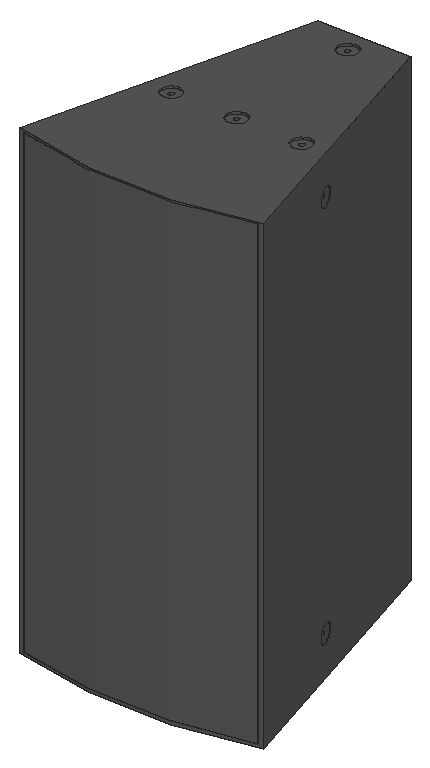
Revit family "1Electronics_Community-Point-Source_Biamp_IP8_1122WR", category Communication Devices, host Face, Revit 2020
Family settings
  Host = Face
  Maintain Annotation Orientation = No
  Round Connector Dimension = Use Diameter
  Part Type = Normal
  OmniClass Number = 23.85.10.11.14.14.14
  OmniClass Title = Loudspeakers
  Cut with Voids When Loaded = No
  Shared = No
  Room Calculation Point = No
Parameters (values of type "Please download type catalogue!")
  Width = 1' - 2 1/2"  # constant formula
  Weight = 65.00 lbf  # constant formula
  URL = "https://www.biamp.com/"
  Transducers = "LF 1 x 12 (305mm) neodymium driver, 3 (76mm) voice coil, demodulation ring; HF 1 x 1.4 (36mm) exit compression, 2.6 (66mm) voice coil, demodulation ring, ketone polymer diaphragm, neodymium compression driver"  # constant formula
  Shipping Weight = 74.00 lbf  # constant formula
  Recommended Amplifiers = "LF - 600W - 1200W @ 8 ohms, (69V - 98V); HF - 80W - 160W @ 8 ohms (25V - 36V)"  # constant formula
  Product data url = "https://www.bimobject.com/biamp/product/ip8-1122wr_community-point-source"
  Product Page URL = "https://www.biamp.com/products/product-families/community/point-source#ip8-1122wr"
  Product Documentation Link = "https://www.biamp.com/products/product-families/community/point-source#ip8-1122wr"
  Operating Range = ""
  Operating Mode = "Passive or Biamp with DSP"  # constant formula
  Operating Environment = "Weather-Resistant Outdoor\r"  # constant formula
  Nominal Sensitivity = ""
  Nominal Maximum SPL (Whole Space) = ""
  Nominal Beamwidth (H x V) = ""
  Mounting Points = "15"  # constant formula
  Model = ""
  Manufacturer = "Biamp"  # constant formula
  Input Connection = "Screw terminal blocks (6-position)"  # constant formula
  Housing Material = Biamp - Plastic - Black
  Height = 2' - 4"  # constant formula
  Gril Material = Biamp - Plastic - Black(Grid)
  Equalized Sensitivity = "1W: 93 dB - 2.83V: 93 dB"  # constant formula
  Equalized Maximum SPL = "Peak: 128 dB - Continuous: 122 dB"  # constant formula
  Environmental = "IP55W per IEC 60529"  # constant formula
  Description = "IP8-1122WR High Power 12-Inch Two-Way Weather-Resistant Installation Loudspeaker"  # constant formula
  Depth = 1' - 5 179/256"  # constant formula
  Default Elevation = 4' - 0"
  Continuous Power Handling  Nominal Impedance = "LF - 69V, 600W @ 8 ohms (2400W peak); HF - 25V, 80W @ 8 ohms (320W peak)"  # constant formula
Reference planes (in)
  plane 1 "Center (Front/Back)": y = 0
  plane 2: z = 0
  plane 3 "Center (Left/Right)": x = 0
Forms (in)
  Extrusion 1, solid, material "Biamp - Plastic - Black" <- "Housing Material", detail levels medium+fine
    sketch origin (-0.18121, 0, 0) x (1, 0, 0) y (0, 1, 0)
      loop
        arc (-7.06879, -7.06265) -> (0.18121, -8.10667) -> (7.43121, -7.06265) r 25.69511
        line (7.43121, -7.06265) -> (2.85509, 9.59333) -> (-2.65672, 9.59333) -> (-7.06879, -7.06265)
    from 0 to 28
  Extrusion 2, void
    sketch origin (-0.18121, -0.10403, 0) x (1, 0, 0) y (0, 1, 0)
      loop
        arc (-6.77215, -7.04393) -> (0.18123, -8.00264) -> (7.13461, -7.04392) r 25.69511
        line (7.13461, -7.04392) -> (7.08246, -6.8541)
        arc (7.08246, -6.8541) -> (0.18033, -7.80579) -> (-6.72174, -6.85362) r 25.49826
        line (-6.72174, -6.85362) -> (-6.77215, -7.04393)
    from 0.19685 to 27.90157
  Extrusion 3, void
    sketch origin (0, 0, 0) x (1, 0, 0) y (0, 1, 0)
      loop
        circle (-3.88574, 0) r 0.59055
      loop
        circle (0, 0) r 0.59055
      loop
        circle (3.88574, 0) r 0.59055
      loop
        circle (0, 8.26772) r 0.59055
    from 28 to 27.90157
  Extrusion 4, void
    sketch origin (0, 0, 0) x (1, 0, 0) y (0, 1, 0)
      loop
        circle (-3.88574, 0) r 0.15748
      loop
        circle (0, 0) r 0.15748
      loop
        circle (3.88574, 0) r 0.15748
      loop
        circle (0, 8.26772) r 0.15748
    from 28 to 27.80315
  Extrusion 5, void
    sketch origin (3.07658, 8.12763, -0.11969) x (-0.264926, 0.964269, 0) y (0, 0, -1)
      loop
        circle (-8.43473, -2.47439) r 0.59055
      loop
        circle (-8.43473, -25.76499) r 0.59055
    from 0 to 0.09843
  Extrusion 6, void
    sketch origin (3.07658, 8.12763, -0.11969) x (-0.264926, 0.964269, 0) y (0, 0, -1)
      loop
        circle (-8.43473, -2.47439) r 0.15748
      loop
        circle (-8.43473, -25.76499) r 0.15748
    from 0.09843 to 0.19685
  Extrusion 7, void
    sketch origin (-7.58128, -8.31325, -0.01138) x (-0.256063, -0.96666, 0) y (0, 0, -1)
      loop
        circle (-8.58908, -2.3454) r 0.59055
      loop
        circle (-8.58908, -25.67736) r 0.59055
    from 0 to 0.09843
  Extrusion 8, void
    sketch origin (-7.58128, -8.31325, -0.01138) x (-0.256063, -0.96666, 0) y (0, 0, -1)
      loop
        circle (-8.58908, -2.3454) r 0.15748
      loop
        circle (-8.58908, -25.67736) r 0.15748
    from 0.09843 to 0.19685
  Extrusion 9, solid, material "Biamp - Plastic - Black(Grid)" <- "Gril Material", detail levels medium+fine
    sketch origin (-0.18121, -0.10403, 0) x (1, 0, 0) y (0, 1, 0)
      loop
        line (-6.72174, -6.85362) -> (-6.77215, -7.04393)
        arc (-6.77215, -7.04393) -> (0.18123, -8.00264) -> (7.13461, -7.04392) r 25.69511
        line (7.13461, -7.04392) -> (7.08246, -6.8541)
        arc (7.08246, -6.8541) -> (0.18033, -7.80579) -> (-6.72174, -6.85362) r 25.49826
    from 0.19685 to 27.90157
  Extrusion 10, void
    sketch origin (-2.65672, 9.59333, 0) x (-1, 0, 0) y (0, 0, -1)
      loop
        circle (-2.65672, -14.34419) r 0.59055
      loop
        circle (-2.65672, -25.60803) r 0.59055
      loop
        circle (-2.65672, -2.39197) r 0.59055
    from 0 to 0.09843
  Extrusion 11, void
    sketch origin (-2.65672, 9.59333, 0) x (-1, 0, 0) y (0, 0, -1)
      loop
        circle (-2.65672, -14.34419) r 0.15748
      loop
        circle (-2.83792, -25.60803) r 0.15748
      loop
        circle (-2.65672, -2.39197) r 0.15748
    from 0 to 0.19685
  Extrusion 12, void
    sketch origin (-2.65672, 9.59333, 0) x (-1, 0, 0) y (0, 0, -1)
      loop
        line (-4.83035, -12.09383) -> (-0.49964, -12.09383) -> (-0.49964, -5.00722) -> (-4.83035, -5.00722) -> (-4.83035, -12.09383)
    from 0 to 0.19685
  Extrusion 13, solid, material "Biamp - Plastic - Black" <- "Housing Material", detail levels medium+fine
    sketch origin (-2.65672, 9.59333, 0) x (1, 0, 0) y (0, 0, -1)
      loop
        line (0.49964, -12.09383) -> (4.83035, -12.09383) -> (4.83035, -5.00722) -> (0.49964, -5.00722) -> (0.49964, -12.09383)
    from 0 to -0.19685
  Extrusion 14, solid, material "Biamp - Plastic - Black" <- "Housing Material", detail levels coarse
    sketch origin (-0.18121, 0, 0) x (1, 0, 0) y (0, 1, 0)
      loop
        line (-2.65672, 9.59333) -> (-7.06879, -7.06265)
        arc (-7.06879, -7.06265) -> (0.18121, -8.10667) -> (7.43121, -7.06265) r 25.69511
        line (7.43121, -7.06265) -> (2.85509, 9.59333) -> (-2.65672, 9.59333)
    from 0 to 28
  Extrusion 15, solid, material "Biamp - Plastic - Black" <- "Housing Material", detail levels medium+fine
    sketch origin (-2.65672, 9.59333, 0) x (1, 0, 0) y (0, 0, -1)
      loop
        line (4.46661, -11.73413) -> (4.46661, -11.23413) -> (3.96661, -11.23413) -> (3.96661, -11.73413) -> (4.46661, -11.73413)
    from 0 to 0.00716
  Extrusion 16, solid, material "Biamp - Plastic - Black" <- "Housing Material", detail levels medium+fine
    sketch origin (-3.77108, 9.59333, -1) x (1, 0, 0) y (0, 0, -1)
      loop
        line (4.46661, -11.73413) -> (4.46661, -11.23413) -> (3.96661, -11.23413) -> (3.96661, -11.73413) -> (4.46661, -11.73413)
    from 0 to 0.00716
  Extrusion 17, solid, material "Biamp - Plastic - Black" <- "Housing Material", detail levels medium+fine
    sketch origin (-2.65672, 9.59333, -1) x (1, 0, 0) y (0, 0, -1)
      loop
        line (4.46661, -11.73413) -> (4.46661, -11.23413) -> (3.96661, -11.23413) -> (3.96661, -11.73413) -> (4.46661, -11.73413)
    from 0 to 0.00716
Cuts and joins
  Extrusion 2, Extrusion 3, Extrusion 4, Extrusion 5, Extrusion 6, Extrusion 7, Extrusion 8, Extrusion 10, Extrusion 11, Extrusion 12 cuts Extrusion 1
Lines and regions (in)
  Masking region 1
    outline origin (-0.18121, 0, 0) x (1, 0, 0) y (0, 1, 0)
      loop
        line (-2.65672, 9.59333) -> (-7.06879, -7.06265)
        arc (-7.06879, -7.06265) -> (0.18121, -8.10667) -> (7.43121, -7.06265) r 25.69511
        line (7.43121, -7.06265) -> (2.85509, 9.59333) -> (-2.65672, 9.59333)
  Masking region 2
    outline origin (0, 0, 0) x (1, 0, 0) y (0, 0, 1)
      loop
        line (-7.2255, 28) -> (-7.2255, 0) -> (7.58792, 0) -> (7.58792, 28) -> (-7.2255, 28)
  Masking region 3, detail levels medium+fine
    outline origin (0, 0, 0) x (1, 0, 0) y (0, 0, 1)
      loop
        line (-7.03679, 27.90157) -> (-7.03679, 0.19685) -> (7.39921, 0.19685) -> (7.39921, 27.90157) -> (-7.03679, 27.90157)
  Masking region 4
    outline origin (0, 0, 0) x (0, 1, 0) y (0, 0, 1)
      loop
        line (9.59333, 28) -> (-6.91199, 28) -> (-6.91199, 0) -> (9.59333, 0) -> (9.59333, 28)
  Masking region 5
    outline origin (0, 0, 0) x (0, 1, 0) y (0, 0, 1)
      loop
        line (-6.91199, 28) -> (-8.00264, 28) -> (-8.00264, 0) -> (-6.91199, 0) -> (-6.91199, 28)
  symbolic lines
    curve 1: line (7.39921, 0, 28) -> (-6.98068, 0, 28)
  symbolic lines, detail levels medium+fine
    curve 2: arc (-0.59055, 8.26772, 0) -> (0, 7.67717, 0) -> (0.59055, 8.26772, 0) r 0.59055
    curve 3: arc (0.59055, 8.26772, 0) -> (0, 8.85827, 0) -> (-0.59055, 8.26772, 0) r 0.59055
    curve 4: arc (-0.59055, 0, 0) -> (0, -0.59055, 0) -> (0.59055, 0, 0) r 0.59055
    curve 5: arc (0.59055, 0, 0) -> (0, 0.59055, 0) -> (-0.59055, 0, 0) r 0.59055
    curve 6: arc (-3.29519, 0, 0) -> (-3.88574, 0.59055, 0) -> (-4.47629, 0, 0) r 0.59055
    curve 7: arc (-4.47629, 0, 0) -> (-3.88574, -0.59055, 0) -> (-3.29519, 0, 0) r 0.59055
    curve 8: arc (3.29519, 0, 0) -> (3.88574, -0.59055, 0) -> (4.47629, 0, 0) r 0.59055
    curve 9: arc (4.47629, 0, 0) -> (3.88574, 0.59055, 0) -> (3.29519, 0, 0) r 0.59055
    curve 10: arc (-0.15748, 0, 0) -> (0, -0.15748, 0) -> (0.15748, 0, 0) r 0.15748
    curve 11: arc (0.15748, 0, 0) -> (0, 0.15748, 0) -> (-0.15748, 0, 0) r 0.15748
    curve 12: arc (-4.04322, 0, 0) -> (-3.88574, -0.15748, 0) -> (-3.72826, 0, 0) r 0.15748
    curve 13: arc (-3.72826, 0, 0) -> (-3.88574, 0.15748, 0) -> (-4.04322, 0, 0) r 0.15748
    curve 14: arc (4.04322, 0, 0) -> (3.88574, 0.15748, 0) -> (3.72826, 0, 0) r 0.15748
    curve 15: arc (3.72826, 0, 0) -> (3.88574, -0.15748, 0) -> (4.04322, 0, 0) r 0.15748
    curve 16: arc (0.15748, 8.26772, 0) -> (0, 8.4252, 0) -> (-0.15748, 8.26772, 0) r 0.15748
    curve 17: arc (-0.15748, 8.26772, 0) -> (0, 8.11024, 0) -> (0.15748, 8.26772, 0) r 0.15748
    curve 18: spline (0, -0.55086, 25.66598) -> (0, -0.53146, 25.51313) -> (0, -0.4746, 25.37071) -> (0, -0.38416, 25.2484) -> (0, -0.26628, 25.15455) -> (0, -0.12901, 25.09555) -> (0, 0.01829, 25.07543) -> (0, 0.1656, 25.09555) -> (0, 0.30287, 25.15455) -> (0, 0.42074, 25.2484) -> (0, 0.51119, 25.37071) -> (0, 0.56805, 25.51313) -> (0, 0.58744, 25.66598)
    curve 19: spline (0, 0.58744, 25.66598) -> (0, 0.56805, 25.81883) -> (0, 0.51119, 25.96126) -> (0, 0.42074, 26.08356) -> (0, 0.30287, 26.17741) -> (0, 0.1656, 26.23641) -> (0, 0.01829, 26.25653) -> (0, -0.12901, 26.23641) -> (0, -0.26628, 26.17741) -> (0, -0.38416, 26.08356) -> (0, -0.4746, 25.96126) -> (0, -0.53146, 25.81883) -> (0, -0.55086, 25.66598)
    curve 20: spline (0, 0.14381, 25.66598) -> (0, 0.13864, 25.70674) -> (0, 0.12347, 25.74472) -> (0, 0.09936, 25.77734) -> (0, 0.06792, 25.80236) -> (0, 0.03132, 25.81809) -> (0, -0.00796, 25.82346) -> (0, -0.04725, 25.81809) -> (0, -0.08385, 25.80236) -> (0, -0.11528, 25.77734) -> (0, -0.1394, 25.74472) -> (0, -0.15457, 25.70674) -> (0, -0.15974, 25.66598)
    curve 21: spline (0, -0.15974, 25.66598) -> (0, -0.15457, 25.62522) -> (0, -0.1394, 25.58724) -> (0, -0.11528, 25.55463) -> (0, -0.08385, 25.5296) -> (0, -0.04725, 25.51387) -> (0, -0.00796, 25.5085) -> (0, 0.03132, 25.51387) -> (0, 0.06792, 25.5296) -> (0, 0.09936, 25.55463) -> (0, 0.12347, 25.58724) -> (0, 0.13864, 25.62522) -> (0, 0.14381, 25.66598)
    curve 22: spline (0, -0.55086, 2.33402) -> (0, -0.53146, 2.48687) -> (0, -0.4746, 2.62929) -> (0, -0.38416, 2.7516) -> (0, -0.26628, 2.84545) -> (0, -0.12901, 2.90445) -> (0, 0.01829, 2.92457) -> (0, 0.1656, 2.90445) -> (0, 0.30287, 2.84545) -> (0, 0.42074, 2.7516) -> (0, 0.51119, 2.62929) -> (0, 0.56805, 2.48687) -> (0, 0.58744, 2.33402)
    curve 23: spline (0, 0.58744, 2.33402) -> (0, 0.56805, 2.18117) -> (0, 0.51119, 2.03874) -> (0, 0.42074, 1.91644) -> (0, 0.30287, 1.82259) -> (0, 0.1656, 1.76359) -> (0, 0.01829, 1.74347) -> (0, -0.12901, 1.76359) -> (0, -0.26628, 1.82259) -> (0, -0.38416, 1.91644) -> (0, -0.4746, 2.03874) -> (0, -0.53146, 2.18117) -> (0, -0.55086, 2.33402)
    curve 24: spline (0, 0.14381, 2.33402) -> (0, 0.13864, 2.29326) -> (0, 0.12347, 2.25528) -> (0, 0.09936, 2.22266) -> (0, 0.06792, 2.19764) -> (0, 0.03132, 2.18191) -> (0, -0.00796, 2.17654) -> (0, -0.04725, 2.18191) -> (0, -0.08385, 2.19764) -> (0, -0.11528, 2.22266) -> (0, -0.1394, 2.25528) -> (0, -0.15457, 2.29326) -> (0, -0.15974, 2.33402)
    curve 25: spline (0, -0.15974, 2.33402) -> (0, -0.15457, 2.37478) -> (0, -0.1394, 2.41276) -> (0, -0.11528, 2.44537) -> (0, -0.08385, 2.4704) -> (0, -0.04725, 2.48613) -> (0, -0.00796, 2.4915) -> (0, 0.03132, 2.48613) -> (0, 0.06792, 2.4704) -> (0, 0.09936, 2.44537) -> (0, 0.12347, 2.41276) -> (0, 0.13864, 2.37478) -> (0, 0.14381, 2.33402)
Dimensions and locks (in)
  aligned and locked: plane 2 to host face
  aligned and locked: level to host face
Connectors (in)
  electrical at (1.55989, 9.60048, 11.48413)
    settings: on Extrusion 15, index 1, voltage 80 V, apparent load 0 VA, apparent load phase1 3200 VA, apparent load phase2 0 VA, apparent load phase3 0 VA, power factor 1, load classification "Other", number of poles 1, system type 5, power factor state 1, is connector primary yes, connector utility no, sub classification motor no, connector description "Screw terminal blocks; Passive input"
  electrical at (0.44553, 9.60048, 10.48413)
    settings: on Extrusion 16, index 2, voltage 0 V, apparent load 0 VA, apparent load phase1 0 VA, apparent load phase2 0 VA, apparent load phase3 0 VA, power factor 1, load classification "Other", number of poles 1, system type 5, power factor state 1, is connector primary no, connector utility no, sub classification motor no, connector description "Screw terminal blocks; Biamp input"
  electrical at (1.55989, 9.60048, 10.48413)
    settings: on Extrusion 17, index 3, voltage 80 V, apparent load 0 VA, apparent load phase1 3200 VA, apparent load phase2 0 VA, apparent load phase3 0 VA, power factor 1, load classification "Other", number of poles 1, system type 5, power factor state 1, is connector primary no, connector utility no, sub classification motor no, connector description "Screw terminal blocks; Passive thru"
